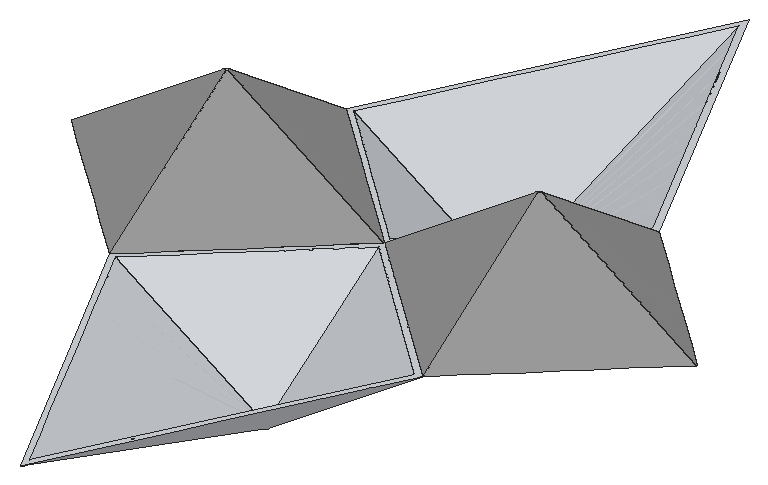
Revit family "CLD-FCT-016_KITE_RTV", category Modelos genéricos, Revit 2022 (continued)
Forms (in)
  Extrusion 237, solid, not visible
    sketch origin (-0.00149, 0.00149, -1.20924) x (0, 1, 0) y (0, 0, -1)
      loop
        line (0.96881, 1.14538) -> (0.96881, -1.85462) -> (0.65631, -1.85462) -> (0.65631, -2.35462) -> (0.96881, -2.35462) -> (3.48948, -2.35462) -> (3.48948, -0.60462) -> (4.19814, -0.60462) -> (4.19814, -2.35462) -> (9.23948, -2.35462) -> (9.23948, -0.60462) -> (9.94814, -0.60462) -> (9.94814, -2.35462) -> (14.98948, -2.35462) -> (14.98948, -0.60462) -> (15.69814, -0.60462) -> (15.69814, -2.35462) -> (20.73948, -2.35462) -> (20.73948, -0.60462) -> (21.44814, -0.60462) -> (21.44814, -2.35462) -> (24.28131, -2.35462) -> (24.28131, -1.85462) -> (23.96881, -1.85462) -> (23.96881, 1.14538) -> (0.96881, 1.14538)
    from -4.19963 to -4.08152
  Extrusion 238, solid, not visible
    sketch origin (0, 0, 0) x (1, 0, 0) y (0, 0, 1)
      loop
        line (0.96881, 0.64538) -> (0.96881, -2.35462) -> (3.48948, -2.35462) -> (3.48948, -0.60462) -> (4.19814, -0.60462) -> (4.19814, -2.35462) -> (9.23948, -2.35462) -> (9.23948, -0.60462) -> (9.94814, -0.60462) -> (9.94814, -2.35462) -> (14.98948, -2.35462) -> (14.98948, -0.60462) -> (15.69814, -0.60462) -> (15.69814, -2.35462) -> (20.73948, -2.35462) -> (20.73948, -0.60462) -> (21.44814, -0.60462) -> (21.44814, -2.35462) -> (23.96881, -2.35462) -> (23.96881, 0.64538) -> (24.28131, 0.64538) -> (24.28131, 1.14538) -> (0.65631, 1.14538) -> (0.65631, 0.64538) -> (0.96881, 0.64538)
    from -3.60908 to -3.49097
  Extrusion 239, solid, not visible
    sketch origin (0, 0, 0) x (1, 0, 0) y (0, 0, 1)
      loop
        line (0.96881, 0.64538) -> (0.96881, -2.35462) -> (3.48948, -2.35462) -> (3.48948, -0.60462) -> (4.19814, -0.60462) -> (4.19814, -2.35462) -> (9.23948, -2.35462) -> (9.23948, -0.60462) -> (9.94814, -0.60462) -> (9.94814, -2.35462) -> (14.98948, -2.35462) -> (14.98948, -0.60462) -> (15.69814, -0.60462) -> (15.69814, -2.35462) -> (20.73948, -2.35462) -> (20.73948, -0.60462) -> (21.44814, -0.60462) -> (21.44814, -2.35462) -> (23.96881, -2.35462) -> (23.96881, 0.64538) -> (24.28131, 0.64538) -> (24.28131, 1.14538) -> (0.65631, 1.14538) -> (0.65631, 0.64538) -> (0.96881, 0.64538)
    from -4.08152 to -3.60908
  Extrusion 240, solid, not visible
    sketch origin (0, 0, 0) x (1, 0, 0) y (0, 0, 1)
      loop
        line (0.96881, 0.64538) -> (0.96881, -2.35462) -> (3.48948, -2.35462) -> (3.48948, -0.60462) -> (4.19814, -0.60462) -> (4.19814, -2.35462) -> (9.23948, -2.35462) -> (9.23948, -0.60462) -> (9.94814, -0.60462) -> (9.94814, -2.35462) -> (14.98948, -2.35462) -> (14.98948, -0.60462) -> (15.69814, -0.60462) -> (15.69814, -2.35462) -> (20.73948, -2.35462) -> (20.73948, -0.60462) -> (21.44814, -0.60462) -> (21.44814, -2.35462) -> (23.96881, -2.35462) -> (23.96881, 0.64538) -> (24.28131, 0.64538) -> (24.28131, 1.14538) -> (0.65631, 1.14538) -> (0.65631, 0.64538) -> (0.96881, 0.64538)
    from -4.19963 to -4.08152
  Extrusion 241, solid, not visible
    sketch origin (0, 0, 0) x (1, 0, 0) y (0, 0, 1)
      loop
        line (0.96881, 0.64538) -> (0.96881, -2.35462) -> (3.48948, -2.35462) -> (3.48948, -0.60462) -> (4.19814, -0.60462) -> (4.19814, -2.35462) -> (9.23948, -2.35462) -> (9.23948, -0.60462) -> (9.94814, -0.60462) -> (9.94814, -2.35462) -> (14.98948, -2.35462) -> (14.98948, -0.60462) -> (15.69814, -0.60462) -> (15.69814, -2.35462) -> (20.73948, -2.35462) -> (20.73948, -0.60462) -> (21.44814, -0.60462) -> (21.44814, -2.35462) -> (23.96881, -2.35462) -> (23.96881, 0.64538) -> (24.28131, 0.64538) -> (24.28131, 1.14538) -> (0.65631, 1.14538) -> (0.65631, 0.64538) -> (0.96881, 0.64538)
    from -9.94963 to -9.83152
  Extrusion 242, solid, not visible
    sketch origin (0, 0, 0) x (1, 0, 0) y (0, 0, 1)
      loop
        line (0.96881, 0.64538) -> (0.96881, -2.35462) -> (3.48948, -2.35462) -> (3.48948, -0.60462) -> (4.19814, -0.60462) -> (4.19814, -2.35462) -> (9.23948, -2.35462) -> (9.23948, -0.60462) -> (9.94814, -0.60462) -> (9.94814, -2.35462) -> (14.98948, -2.35462) -> (14.98948, -0.60462) -> (15.69814, -0.60462) -> (15.69814, -2.35462) -> (20.73948, -2.35462) -> (20.73948, -0.60462) -> (21.44814, -0.60462) -> (21.44814, -2.35462) -> (23.96881, -2.35462) -> (23.96881, 0.64538) -> (24.28131, 0.64538) -> (24.28131, 1.14538) -> (0.65631, 1.14538) -> (0.65631, 0.64538) -> (0.96881, 0.64538)
    from -9.35908 to -9.24097
  Extrusion 243, solid, not visible
    sketch origin (0, 0, 0) x (1, 0, 0) y (0, 0, 1)
      loop
        line (0.96881, 0.64538) -> (0.96881, -2.35462) -> (3.48948, -2.35462) -> (3.48948, -0.60462) -> (4.19814, -0.60462) -> (4.19814, -2.35462) -> (9.23948, -2.35462) -> (9.23948, -0.60462) -> (9.94814, -0.60462) -> (9.94814, -2.35462) -> (14.98948, -2.35462) -> (14.98948, -0.60462) -> (15.69814, -0.60462) -> (15.69814, -2.35462) -> (20.73948, -2.35462) -> (20.73948, -0.60462) -> (21.44814, -0.60462) -> (21.44814, -2.35462) -> (23.96881, -2.35462) -> (23.96881, 0.64538) -> (24.28131, 0.64538) -> (24.28131, 1.14538) -> (0.65631, 1.14538) -> (0.65631, 0.64538) -> (0.96881, 0.64538)
    from -9.83152 to -9.35908
  Extrusion 244, solid, not visible
    sketch origin (0, 0, 0) x (1, 0, 0) y (0, 0, 1)
      loop
        line (0.96881, 0.64538) -> (0.96881, -2.35462) -> (3.48948, -2.35462) -> (3.48948, -0.60462) -> (4.19814, -0.60462) -> (4.19814, -2.35462) -> (9.23948, -2.35462) -> (9.23948, -0.60462) -> (9.94814, -0.60462) -> (9.94814, -2.35462) -> (14.98948, -2.35462) -> (14.98948, -0.60462) -> (15.69814, -0.60462) -> (15.69814, -2.35462) -> (20.73948, -2.35462) -> (20.73948, -0.60462) -> (21.44814, -0.60462) -> (21.44814, -2.35462) -> (23.96881, -2.35462) -> (23.96881, 0.64538) -> (24.28131, 0.64538) -> (24.28131, 1.14538) -> (0.65631, 1.14538) -> (0.65631, 0.64538) -> (0.96881, 0.64538)
    from -15.69963 to -15.58152
  Extrusion 245, solid, not visible
    sketch origin (0, 0, 0) x (1, 0, 0) y (0, 0, 1)
      loop
        line (0.96881, 0.64538) -> (0.96881, -2.35462) -> (3.48948, -2.35462) -> (3.48948, -0.60462) -> (4.19814, -0.60462) -> (4.19814, -2.35462) -> (9.23948, -2.35462) -> (9.23948, -0.60462) -> (9.94814, -0.60462) -> (9.94814, -2.35462) -> (14.98948, -2.35462) -> (14.98948, -0.60462) -> (15.69814, -0.60462) -> (15.69814, -2.35462) -> (20.73948, -2.35462) -> (20.73948, -0.60462) -> (21.44814, -0.60462) -> (21.44814, -2.35462) -> (23.96881, -2.35462) -> (23.96881, 0.64538) -> (24.28131, 0.64538) -> (24.28131, 1.14538) -> (0.65631, 1.14538) -> (0.65631, 0.64538) -> (0.96881, 0.64538)
    from -15.10908 to -14.99097
  Extrusion 246, solid, not visible
    sketch origin (0, 0, 0) x (1, 0, 0) y (0, 0, 1)
      loop
        line (0.96881, 0.64538) -> (0.96881, -2.35462) -> (3.48948, -2.35462) -> (3.48948, -0.60462) -> (4.19814, -0.60462) -> (4.19814, -2.35462) -> (9.23948, -2.35462) -> (9.23948, -0.60462) -> (9.94814, -0.60462) -> (9.94814, -2.35462) -> (14.98948, -2.35462) -> (14.98948, -0.60462) -> (15.69814, -0.60462) -> (15.69814, -2.35462) -> (20.73948, -2.35462) -> (20.73948, -0.60462) -> (21.44814, -0.60462) -> (21.44814, -2.35462) -> (23.96881, -2.35462) -> (23.96881, 0.64538) -> (24.28131, 0.64538) -> (24.28131, 1.14538) -> (0.65631, 1.14538) -> (0.65631, 0.64538) -> (0.96881, 0.64538)
    from -15.58152 to -15.10908
  Extrusion 247, solid, not visible
    sketch origin (0, 0, 0) x (1, 0, 0) y (0, 0, 1)
      loop
        line (0.96881, 0.64538) -> (0.96881, -2.35462) -> (3.48948, -2.35462) -> (3.48948, -0.60462) -> (4.19814, -0.60462) -> (4.19814, -2.35462) -> (9.23948, -2.35462) -> (9.23948, -0.60462) -> (9.94814, -0.60462) -> (9.94814, -2.35462) -> (14.98948, -2.35462) -> (14.98948, -0.60462) -> (15.69814, -0.60462) -> (15.69814, -2.35462) -> (20.73948, -2.35462) -> (20.73948, -0.60462) -> (21.44814, -0.60462) -> (21.44814, -2.35462) -> (23.96881, -2.35462) -> (23.96881, 0.64538) -> (24.28131, 0.64538) -> (24.28131, 1.14538) -> (0.65631, 1.14538) -> (0.65631, 0.64538) -> (0.96881, 0.64538)
    from -21.44963 to -21.33152
  Extrusion 248, solid, not visible
    sketch origin (0, 0, 0) x (1, 0, 0) y (0, 0, 1)
      loop
        line (0.96881, 0.64538) -> (0.96881, -2.35462) -> (3.48948, -2.35462) -> (3.48948, -0.60462) -> (4.19814, -0.60462) -> (4.19814, -2.35462) -> (9.23948, -2.35462) -> (9.23948, -0.60462) -> (9.94814, -0.60462) -> (9.94814, -2.35462) -> (14.98948, -2.35462) -> (14.98948, -0.60462) -> (15.69814, -0.60462) -> (15.69814, -2.35462) -> (20.73948, -2.35462) -> (20.73948, -0.60462) -> (21.44814, -0.60462) -> (21.44814, -2.35462) -> (23.96881, -2.35462) -> (23.96881, 0.64538) -> (24.28131, 0.64538) -> (24.28131, 1.14538) -> (0.65631, 1.14538) -> (0.65631, 0.64538) -> (0.96881, 0.64538)
    from -20.85908 to -20.74097
  Extrusion 249, solid, not visible
    sketch origin (0, 0, 0) x (1, 0, 0) y (0, 0, 1)
      loop
        line (0.96881, 0.64538) -> (0.96881, -2.35462) -> (3.48948, -2.35462) -> (3.48948, -0.60462) -> (4.19814, -0.60462) -> (4.19814, -2.35462) -> (9.23948, -2.35462) -> (9.23948, -0.60462) -> (9.94814, -0.60462) -> (9.94814, -2.35462) -> (14.98948, -2.35462) -> (14.98948, -0.60462) -> (15.69814, -0.60462) -> (15.69814, -2.35462) -> (20.73948, -2.35462) -> (20.73948, -0.60462) -> (21.44814, -0.60462) -> (21.44814, -2.35462) -> (23.96881, -2.35462) -> (23.96881, 0.64538) -> (24.28131, 0.64538) -> (24.28131, 1.14538) -> (0.65631, 1.14538) -> (0.65631, 0.64538) -> (0.96881, 0.64538)
    from -21.33152 to -20.85908
  Extrusion 250, solid, not visible
    sketch origin (-0.00149, 0.00149, -1.20924) x (0, 1, 0) y (0, 0, -1)
      loop
        line (0.96881, 1.14538) -> (0.96881, -1.85462) -> (0.65631, -1.85462) -> (0.65631, -2.35462) -> (0.96881, -2.35462) -> (3.48948, -2.35462) -> (3.48948, -0.60462) -> (4.19814, -0.60462) -> (4.19814, -2.35462) -> (9.23948, -2.35462) -> (9.23948, -0.60462) -> (9.94814, -0.60462) -> (9.94814, -2.35462) -> (14.98948, -2.35462) -> (14.98948, -0.60462) -> (15.69814, -0.60462) -> (15.69814, -2.35462) -> (20.73948, -2.35462) -> (20.73948, -0.60462) -> (21.44814, -0.60462) -> (21.44814, -2.35462) -> (24.28131, -2.35462) -> (24.28131, -1.85462) -> (23.96881, -1.85462) -> (23.96881, 1.14538) -> (0.96881, 1.14538)
    from -3.60908 to -3.49097
  Extrusion 251, solid, not visible
    sketch origin (0.11662, 0.00149, -1.20924) x (0, 1, 0) y (0, 0, -1)
      loop
        line (0.96881, 1.14538) -> (0.96881, -1.85462) -> (0.65631, -1.85462) -> (0.65631, -2.35462) -> (0.96881, -2.35462) -> (3.48948, -2.35462) -> (3.48948, -0.60462) -> (4.19814, -0.60462) -> (4.19814, -2.35462) -> (9.23948, -2.35462) -> (9.23948, -0.60462) -> (9.94814, -0.60462) -> (9.94814, -2.35462) -> (14.98948, -2.35462) -> (14.98948, -0.60462) -> (15.69814, -0.60462) -> (15.69814, -2.35462) -> (20.73948, -2.35462) -> (20.73948, -0.60462) -> (21.44814, -0.60462) -> (21.44814, -2.35462) -> (24.28131, -2.35462) -> (24.28131, -1.85462) -> (23.96881, -1.85462) -> (23.96881, 1.14538) -> (0.96881, 1.14538)
    from -3.96341 to -3.49097
  Extrusion 252, solid, not visible
    sketch origin (-0.00149, 0.00149, -1.20924) x (0, 1, 0) y (0, 0, -1)
      loop
        line (0.96881, 1.14538) -> (0.96881, -1.85462) -> (0.65631, -1.85462) -> (0.65631, -2.35462) -> (0.96881, -2.35462) -> (3.48948, -2.35462) -> (3.48948, -0.60462) -> (4.19814, -0.60462) -> (4.19814, -2.35462) -> (9.23948, -2.35462) -> (9.23948, -0.60462) -> (9.94814, -0.60462) -> (9.94814, -2.35462) -> (14.98948, -2.35462) -> (14.98948, -0.60462) -> (15.69814, -0.60462) -> (15.69814, -2.35462) -> (20.73948, -2.35462) -> (20.73948, -0.60462) -> (21.44814, -0.60462) -> (21.44814, -2.35462) -> (24.28131, -2.35462) -> (24.28131, -1.85462) -> (23.96881, -1.85462) -> (23.96881, 1.14538) -> (0.96881, 1.14538)
    from -4.19963 to -4.08152
  Extrusion 253, solid, not visible
    sketch origin (5.74851, 0.00149, -1.20924) x (0, 1, 0) y (0, 0, -1)
      loop
        line (0.96881, 1.14538) -> (0.96881, -1.85462) -> (0.65631, -1.85462) -> (0.65631, -2.35462) -> (0.96881, -2.35462) -> (3.48948, -2.35462) -> (3.48948, -0.60462) -> (4.19814, -0.60462) -> (4.19814, -2.35462) -> (9.23948, -2.35462) -> (9.23948, -0.60462) -> (9.94814, -0.60462) -> (9.94814, -2.35462) -> (14.98948, -2.35462) -> (14.98948, -0.60462) -> (15.69814, -0.60462) -> (15.69814, -2.35462) -> (20.73948, -2.35462) -> (20.73948, -0.60462) -> (21.44814, -0.60462) -> (21.44814, -2.35462) -> (24.28131, -2.35462) -> (24.28131, -1.85462) -> (23.96881, -1.85462) -> (23.96881, 1.14538) -> (0.96881, 1.14538)
    from -4.19963 to -4.08152
  Extrusion 254, solid, not visible
    sketch origin (5.15796, 0.00149, -1.20924) x (0, 1, 0) y (0, 0, -1)
      loop
        line (0.96881, 1.14538) -> (0.96881, -1.85462) -> (0.65631, -1.85462) -> (0.65631, -2.35462) -> (0.96881, -2.35462) -> (3.48948, -2.35462) -> (3.48948, -0.60462) -> (4.19814, -0.60462) -> (4.19814, -2.35462) -> (9.23948, -2.35462) -> (9.23948, -0.60462) -> (9.94814, -0.60462) -> (9.94814, -2.35462) -> (14.98948, -2.35462) -> (14.98948, -0.60462) -> (15.69814, -0.60462) -> (15.69814, -2.35462) -> (20.73948, -2.35462) -> (20.73948, -0.60462) -> (21.44814, -0.60462) -> (21.44814, -2.35462) -> (24.28131, -2.35462) -> (24.28131, -1.85462) -> (23.96881, -1.85462) -> (23.96881, 1.14538) -> (0.96881, 1.14538)
    from -4.19963 to -4.08152
  Extrusion 255, solid, not visible
    sketch origin (11.49851, 0.00149, -1.20924) x (0, 1, 0) y (0, 0, -1)
      loop
        line (0.96881, 1.14538) -> (0.96881, -1.85462) -> (0.65631, -1.85462) -> (0.65631, -2.35462) -> (0.96881, -2.35462) -> (3.48948, -2.35462) -> (3.48948, -0.60462) -> (4.19814, -0.60462) -> (4.19814, -2.35462) -> (9.23948, -2.35462) -> (9.23948, -0.60462) -> (9.94814, -0.60462) -> (9.94814, -2.35462) -> (14.98948, -2.35462) -> (14.98948, -0.60462) -> (15.69814, -0.60462) -> (15.69814, -2.35462) -> (20.73948, -2.35462) -> (20.73948, -0.60462) -> (21.44814, -0.60462) -> (21.44814, -2.35462) -> (24.28131, -2.35462) -> (24.28131, -1.85462) -> (23.96881, -1.85462) -> (23.96881, 1.14538) -> (0.96881, 1.14538)
    from -4.19963 to -4.08152
  Extrusion 256, solid, not visible
    sketch origin (10.90796, 0.00149, -1.20924) x (0, 1, 0) y (0, 0, -1)
      loop
        line (0.96881, 1.14538) -> (0.96881, -1.85462) -> (0.65631, -1.85462) -> (0.65631, -2.35462) -> (0.96881, -2.35462) -> (3.48948, -2.35462) -> (3.48948, -0.60462) -> (4.19814, -0.60462) -> (4.19814, -2.35462) -> (9.23948, -2.35462) -> (9.23948, -0.60462) -> (9.94814, -0.60462) -> (9.94814, -2.35462) -> (14.98948, -2.35462) -> (14.98948, -0.60462) -> (15.69814, -0.60462) -> (15.69814, -2.35462) -> (20.73948, -2.35462) -> (20.73948, -0.60462) -> (21.44814, -0.60462) -> (21.44814, -2.35462) -> (24.28131, -2.35462) -> (24.28131, -1.85462) -> (23.96881, -1.85462) -> (23.96881, 1.14538) -> (0.96881, 1.14538)
    from -4.19963 to -4.08152
  Extrusion 257, solid, not visible
    sketch origin (16.65796, 0.00149, -1.20924) x (0, 1, 0) y (0, 0, -1)
      loop
        line (0.96881, 1.14538) -> (0.96881, -1.85462) -> (0.65631, -1.85462) -> (0.65631, -2.35462) -> (0.96881, -2.35462) -> (3.48948, -2.35462) -> (3.48948, -0.60462) -> (4.19814, -0.60462) -> (4.19814, -2.35462) -> (9.23948, -2.35462) -> (9.23948, -0.60462) -> (9.94814, -0.60462) -> (9.94814, -2.35462) -> (14.98948, -2.35462) -> (14.98948, -0.60462) -> (15.69814, -0.60462) -> (15.69814, -2.35462) -> (20.73948, -2.35462) -> (20.73948, -0.60462) -> (21.44814, -0.60462) -> (21.44814, -2.35462) -> (24.28131, -2.35462) -> (24.28131, -1.85462) -> (23.96881, -1.85462) -> (23.96881, 1.14538) -> (0.96881, 1.14538)
    from -4.19963 to -4.08152
  Extrusion 258, solid, not visible
    sketch origin (17.24851, 0.00149, -1.20924) x (0, 1, 0) y (0, 0, -1)
      loop
        line (0.96881, 1.14538) -> (0.96881, -1.85462) -> (0.65631, -1.85462) -> (0.65631, -2.35462) -> (0.96881, -2.35462) -> (3.48948, -2.35462) -> (3.48948, -0.60462) -> (4.19814, -0.60462) -> (4.19814, -2.35462) -> (9.23948, -2.35462) -> (9.23948, -0.60462) -> (9.94814, -0.60462) -> (9.94814, -2.35462) -> (14.98948, -2.35462) -> (14.98948, -0.60462) -> (15.69814, -0.60462) -> (15.69814, -2.35462) -> (20.73948, -2.35462) -> (20.73948, -0.60462) -> (21.44814, -0.60462) -> (21.44814, -2.35462) -> (24.28131, -2.35462) -> (24.28131, -1.85462) -> (23.96881, -1.85462) -> (23.96881, 1.14538) -> (0.96881, 1.14538)
    from -4.19963 to -4.08152
  Extrusion 259, solid, not visible
    sketch origin (5.86662, 0.00149, -1.20924) x (0, 1, 0) y (0, 0, -1)
      loop
        line (0.96881, 1.14538) -> (0.96881, -1.85462) -> (0.65631, -1.85462) -> (0.65631, -2.35462) -> (0.96881, -2.35462) -> (3.48948, -2.35462) -> (3.48948, -0.60462) -> (4.19814, -0.60462) -> (4.19814, -2.35462) -> (9.23948, -2.35462) -> (9.23948, -0.60462) -> (9.94814, -0.60462) -> (9.94814, -2.35462) -> (14.98948, -2.35462) -> (14.98948, -0.60462) -> (15.69814, -0.60462) -> (15.69814, -2.35462) -> (20.73948, -2.35462) -> (20.73948, -0.60462) -> (21.44814, -0.60462) -> (21.44814, -2.35462) -> (24.28131, -2.35462) -> (24.28131, -1.85462) -> (23.96881, -1.85462) -> (23.96881, 1.14538) -> (0.96881, 1.14538)
    from -3.96341 to -3.49097
  Extrusion 260, solid, not visible
    sketch origin (11.61662, 0.00149, -1.20924) x (0, 1, 0) y (0, 0, -1)
      loop
        line (0.96881, 1.14538) -> (0.96881, -1.85462) -> (0.65631, -1.85462) -> (0.65631, -2.35462) -> (0.96881, -2.35462) -> (3.48948, -2.35462) -> (3.48948, -0.60462) -> (4.19814, -0.60462) -> (4.19814, -2.35462) -> (9.23948, -2.35462) -> (9.23948, -0.60462) -> (9.94814, -0.60462) -> (9.94814, -2.35462) -> (14.98948, -2.35462) -> (14.98948, -0.60462) -> (15.69814, -0.60462) -> (15.69814, -2.35462) -> (20.73948, -2.35462) -> (20.73948, -0.60462) -> (21.44814, -0.60462) -> (21.44814, -2.35462) -> (24.28131, -2.35462) -> (24.28131, -1.85462) -> (23.96881, -1.85462) -> (23.96881, 1.14538) -> (0.96881, 1.14538)
    from -3.96341 to -3.49097
  Extrusion 261, solid, not visible
    sketch origin (17.36662, 0.00149, -1.20924) x (0, 1, 0) y (0, 0, -1)
      loop
        line (0.96881, 1.14538) -> (0.96881, -1.85462) -> (0.65631, -1.85462) -> (0.65631, -2.35462) -> (0.96881, -2.35462) -> (3.48948, -2.35462) -> (3.48948, -0.60462) -> (4.19814, -0.60462) -> (4.19814, -2.35462) -> (9.23948, -2.35462) -> (9.23948, -0.60462) -> (9.94814, -0.60462) -> (9.94814, -2.35462) -> (14.98948, -2.35462) -> (14.98948, -0.60462) -> (15.69814, -0.60462) -> (15.69814, -2.35462) -> (20.73948, -2.35462) -> (20.73948, -0.60462) -> (21.44814, -0.60462) -> (21.44814, -2.35462) -> (24.28131, -2.35462) -> (24.28131, -1.85462) -> (23.96881, -1.85462) -> (23.96881, 1.14538) -> (0.96881, 1.14538)
    from -3.96341 to -3.49097
  Extrusion 262, solid, not visible
    sketch origin (0, 0, 0) x (1, 0, 0) y (0, 0, 1)
      loop
        line (0.96881, 0.64538) -> (0.96881, -2.35462) -> (3.48948, -2.35462) -> (3.48948, -0.60462) -> (4.19814, -0.60462) -> (4.19814, -2.35462) -> (9.23948, -2.35462) -> (9.23948, -0.60462) -> (9.94814, -0.60462) -> (9.94814, -2.35462) -> (14.98948, -2.35462) -> (14.98948, -0.60462) -> (15.69814, -0.60462) -> (15.69814, -2.35462) -> (20.73948, -2.35462) -> (20.73948, -0.60462) -> (21.44814, -0.60462) -> (21.44814, -2.35462) -> (23.96881, -2.35462) -> (23.96881, 0.64538) -> (24.28131, 0.64538) -> (24.28131, 1.14538) -> (0.65631, 1.14538) -> (0.65631, 0.64538) -> (0.96881, 0.64538)
    from -3.60908 to -3.49097
  Extrusion 263, solid, not visible
    sketch origin (0, 0, 0) x (1, 0, 0) y (0, 0, 1)
      loop
        line (0.96881, 0.64538) -> (0.96881, -2.35462) -> (3.48948, -2.35462) -> (3.48948, -0.60462) -> (4.19814, -0.60462) -> (4.19814, -2.35462) -> (9.23948, -2.35462) -> (9.23948, -0.60462) -> (9.94814, -0.60462) -> (9.94814, -2.35462) -> (14.98948, -2.35462) -> (14.98948, -0.60462) -> (15.69814, -0.60462) -> (15.69814, -2.35462) -> (20.73948, -2.35462) -> (20.73948, -0.60462) -> (21.44814, -0.60462) -> (21.44814, -2.35462) -> (23.96881, -2.35462) -> (23.96881, 0.64538) -> (24.28131, 0.64538) -> (24.28131, 1.14538) -> (0.65631, 1.14538) -> (0.65631, 0.64538) -> (0.96881, 0.64538)
    from -4.08152 to -3.60908
  Extrusion 264, solid, not visible
    sketch origin (0, 0, 0) x (1, 0, 0) y (0, 0, 1)
      loop
        line (0.96881, 0.64538) -> (0.96881, -2.35462) -> (3.48948, -2.35462) -> (3.48948, -0.60462) -> (4.19814, -0.60462) -> (4.19814, -2.35462) -> (9.23948, -2.35462) -> (9.23948, -0.60462) -> (9.94814, -0.60462) -> (9.94814, -2.35462) -> (14.98948, -2.35462) -> (14.98948, -0.60462) -> (15.69814, -0.60462) -> (15.69814, -2.35462) -> (20.73948, -2.35462) -> (20.73948, -0.60462) -> (21.44814, -0.60462) -> (21.44814, -2.35462) -> (23.96881, -2.35462) -> (23.96881, 0.64538) -> (24.28131, 0.64538) -> (24.28131, 1.14538) -> (0.65631, 1.14538) -> (0.65631, 0.64538) -> (0.96881, 0.64538)
    from -4.19963 to -4.08152
  Extrusion 265, solid, not visible
    sketch origin (-0.00149, 0.00149, -1.20924) x (0, 1, 0) y (0, 0, -1)
      loop
        line (0.96881, 1.14538) -> (0.96881, -1.85462) -> (0.65631, -1.85462) -> (0.65631, -2.35462) -> (0.96881, -2.35462) -> (3.48948, -2.35462) -> (3.48948, -0.60462) -> (4.19814, -0.60462) -> (4.19814, -2.35462) -> (9.23948, -2.35462) -> (9.23948, -0.60462) -> (9.94814, -0.60462) -> (9.94814, -2.35462) -> (14.98948, -2.35462) -> (14.98948, -0.60462) -> (15.69814, -0.60462) -> (15.69814, -2.35462) -> (20.73948, -2.35462) -> (20.73948, -0.60462) -> (21.44814, -0.60462) -> (21.44814, -2.35462) -> (24.28131, -2.35462) -> (24.28131, -1.85462) -> (23.96881, -1.85462) -> (23.96881, 1.14538) -> (0.96881, 1.14538)
    from -3.60908 to -3.49097
  Extrusion 266, solid, not visible
    sketch origin (0.11662, 0.00149, -1.20924) x (0, 1, 0) y (0, 0, -1)
      loop
        line (0.96881, 1.14538) -> (0.96881, -1.85462) -> (0.65631, -1.85462) -> (0.65631, -2.35462) -> (0.96881, -2.35462) -> (3.48948, -2.35462) -> (3.48948, -0.60462) -> (4.19814, -0.60462) -> (4.19814, -2.35462) -> (9.23948, -2.35462) -> (9.23948, -0.60462) -> (9.94814, -0.60462) -> (9.94814, -2.35462) -> (14.98948, -2.35462) -> (14.98948, -0.60462) -> (15.69814, -0.60462) -> (15.69814, -2.35462) -> (20.73948, -2.35462) -> (20.73948, -0.60462) -> (21.44814, -0.60462) -> (21.44814, -2.35462) -> (24.28131, -2.35462) -> (24.28131, -1.85462) -> (23.96881, -1.85462) -> (23.96881, 1.14538) -> (0.96881, 1.14538)
    from -3.96341 to -3.49097
  Extrusion 267, solid, not visible
    sketch origin (-0.00149, 0.00149, -1.20924) x (0, 1, 0) y (0, 0, -1)
      loop
        line (0.96881, 1.14538) -> (0.96881, -1.85462) -> (0.65631, -1.85462) -> (0.65631, -2.35462) -> (0.96881, -2.35462) -> (3.48948, -2.35462) -> (3.48948, -0.60462) -> (4.19814, -0.60462) -> (4.19814, -2.35462) -> (9.23948, -2.35462) -> (9.23948, -0.60462) -> (9.94814, -0.60462) -> (9.94814, -2.35462) -> (14.98948, -2.35462) -> (14.98948, -0.60462) -> (15.69814, -0.60462) -> (15.69814, -2.35462) -> (20.73948, -2.35462) -> (20.73948, -0.60462) -> (21.44814, -0.60462) -> (21.44814, -2.35462) -> (24.28131, -2.35462) -> (24.28131, -1.85462) -> (23.96881, -1.85462) -> (23.96881, 1.14538) -> (0.96881, 1.14538)
    from -4.19963 to -4.08152
  Extrusion 268, solid, not visible
    sketch origin (0, 0, 0) x (1, 0, 0) y (0, 0, 1)
      loop
        line (0.96881, 0.64538) -> (0.96881, -2.35462) -> (3.48948, -2.35462) -> (3.48948, -0.60462) -> (4.19814, -0.60462) -> (4.19814, -2.35462) -> (9.23948, -2.35462) -> (9.23948, -0.60462) -> (9.94814, -0.60462) -> (9.94814, -2.35462) -> (14.98948, -2.35462) -> (14.98948, -0.60462) -> (15.69814, -0.60462) -> (15.69814, -2.35462) -> (20.73948, -2.35462) -> (20.73948, -0.60462) -> (21.44814, -0.60462) -> (21.44814, -2.35462) -> (23.96881, -2.35462) -> (23.96881, 0.64538) -> (24.28131, 0.64538) -> (24.28131, 1.14538) -> (0.65631, 1.14538) -> (0.65631, 0.64538) -> (0.96881, 0.64538)
    from -9.94963 to -9.83152
  Extrusion 269, solid, not visible
    sketch origin (0, 0, 0) x (1, 0, 0) y (0, 0, 1)
      loop
        line (0.96881, 0.64538) -> (0.96881, -2.35462) -> (3.48948, -2.35462) -> (3.48948, -0.60462) -> (4.19814, -0.60462) -> (4.19814, -2.35462) -> (9.23948, -2.35462) -> (9.23948, -0.60462) -> (9.94814, -0.60462) -> (9.94814, -2.35462) -> (14.98948, -2.35462) -> (14.98948, -0.60462) -> (15.69814, -0.60462) -> (15.69814, -2.35462) -> (20.73948, -2.35462) -> (20.73948, -0.60462) -> (21.44814, -0.60462) -> (21.44814, -2.35462) -> (23.96881, -2.35462) -> (23.96881, 0.64538) -> (24.28131, 0.64538) -> (24.28131, 1.14538) -> (0.65631, 1.14538) -> (0.65631, 0.64538) -> (0.96881, 0.64538)
    from -9.35908 to -9.24097
  Extrusion 270, solid, not visible
    sketch origin (0, 0, 0) x (1, 0, 0) y (0, 0, 1)
      loop
        line (0.96881, 0.64538) -> (0.96881, -2.35462) -> (3.48948, -2.35462) -> (3.48948, -0.60462) -> (4.19814, -0.60462) -> (4.19814, -2.35462) -> (9.23948, -2.35462) -> (9.23948, -0.60462) -> (9.94814, -0.60462) -> (9.94814, -2.35462) -> (14.98948, -2.35462) -> (14.98948, -0.60462) -> (15.69814, -0.60462) -> (15.69814, -2.35462) -> (20.73948, -2.35462) -> (20.73948, -0.60462) -> (21.44814, -0.60462) -> (21.44814, -2.35462) -> (23.96881, -2.35462) -> (23.96881, 0.64538) -> (24.28131, 0.64538) -> (24.28131, 1.14538) -> (0.65631, 1.14538) -> (0.65631, 0.64538) -> (0.96881, 0.64538)
    from -9.83152 to -9.35908
  Extrusion 271, solid, not visible
    sketch origin (0, 0, 0) x (1, 0, 0) y (0, 0, 1)
      loop
        line (0.96881, 0.64538) -> (0.96881, -2.35462) -> (3.48948, -2.35462) -> (3.48948, -0.60462) -> (4.19814, -0.60462) -> (4.19814, -2.35462) -> (9.23948, -2.35462) -> (9.23948, -0.60462) -> (9.94814, -0.60462) -> (9.94814, -2.35462) -> (14.98948, -2.35462) -> (14.98948, -0.60462) -> (15.69814, -0.60462) -> (15.69814, -2.35462) -> (20.73948, -2.35462) -> (20.73948, -0.60462) -> (21.44814, -0.60462) -> (21.44814, -2.35462) -> (23.96881, -2.35462) -> (23.96881, 0.64538) -> (24.28131, 0.64538) -> (24.28131, 1.14538) -> (0.65631, 1.14538) -> (0.65631, 0.64538) -> (0.96881, 0.64538)
    from -15.69963 to -15.58152
  Extrusion 272, solid, not visible
    sketch origin (0, 0, 0) x (1, 0, 0) y (0, 0, 1)
      loop
        line (0.96881, 0.64538) -> (0.96881, -2.35462) -> (3.48948, -2.35462) -> (3.48948, -0.60462) -> (4.19814, -0.60462) -> (4.19814, -2.35462) -> (9.23948, -2.35462) -> (9.23948, -0.60462) -> (9.94814, -0.60462) -> (9.94814, -2.35462) -> (14.98948, -2.35462) -> (14.98948, -0.60462) -> (15.69814, -0.60462) -> (15.69814, -2.35462) -> (20.73948, -2.35462) -> (20.73948, -0.60462) -> (21.44814, -0.60462) -> (21.44814, -2.35462) -> (23.96881, -2.35462) -> (23.96881, 0.64538) -> (24.28131, 0.64538) -> (24.28131, 1.14538) -> (0.65631, 1.14538) -> (0.65631, 0.64538) -> (0.96881, 0.64538)
    from -15.10908 to -14.99097
  Extrusion 273, solid, not visible
    sketch origin (0, 0, 0) x (1, 0, 0) y (0, 0, 1)
      loop
        line (0.96881, 0.64538) -> (0.96881, -2.35462) -> (3.48948, -2.35462) -> (3.48948, -0.60462) -> (4.19814, -0.60462) -> (4.19814, -2.35462) -> (9.23948, -2.35462) -> (9.23948, -0.60462) -> (9.94814, -0.60462) -> (9.94814, -2.35462) -> (14.98948, -2.35462) -> (14.98948, -0.60462) -> (15.69814, -0.60462) -> (15.69814, -2.35462) -> (20.73948, -2.35462) -> (20.73948, -0.60462) -> (21.44814, -0.60462) -> (21.44814, -2.35462) -> (23.96881, -2.35462) -> (23.96881, 0.64538) -> (24.28131, 0.64538) -> (24.28131, 1.14538) -> (0.65631, 1.14538) -> (0.65631, 0.64538) -> (0.96881, 0.64538)
    from -15.58152 to -15.10908
  Extrusion 274, solid, not visible
    sketch origin (0, 0, 0) x (1, 0, 0) y (0, 0, 1)
      loop
        line (0.96881, 0.64538) -> (0.96881, -2.35462) -> (3.48948, -2.35462) -> (3.48948, -0.60462) -> (4.19814, -0.60462) -> (4.19814, -2.35462) -> (9.23948, -2.35462) -> (9.23948, -0.60462) -> (9.94814, -0.60462) -> (9.94814, -2.35462) -> (14.98948, -2.35462) -> (14.98948, -0.60462) -> (15.69814, -0.60462) -> (15.69814, -2.35462) -> (20.73948, -2.35462) -> (20.73948, -0.60462) -> (21.44814, -0.60462) -> (21.44814, -2.35462) -> (23.96881, -2.35462) -> (23.96881, 0.64538) -> (24.28131, 0.64538) -> (24.28131, 1.14538) -> (0.65631, 1.14538) -> (0.65631, 0.64538) -> (0.96881, 0.64538)
    from -21.44963 to -21.33152
  Extrusion 275, solid, not visible
    sketch origin (0, 0, 0) x (1, 0, 0) y (0, 0, 1)
      loop
        line (0.96881, 0.64538) -> (0.96881, -2.35462) -> (3.48948, -2.35462) -> (3.48948, -0.60462) -> (4.19814, -0.60462) -> (4.19814, -2.35462) -> (9.23948, -2.35462) -> (9.23948, -0.60462) -> (9.94814, -0.60462) -> (9.94814, -2.35462) -> (14.98948, -2.35462) -> (14.98948, -0.60462) -> (15.69814, -0.60462) -> (15.69814, -2.35462) -> (20.73948, -2.35462) -> (20.73948, -0.60462) -> (21.44814, -0.60462) -> (21.44814, -2.35462) -> (23.96881, -2.35462) -> (23.96881, 0.64538) -> (24.28131, 0.64538) -> (24.28131, 1.14538) -> (0.65631, 1.14538) -> (0.65631, 0.64538) -> (0.96881, 0.64538)
    from -20.85908 to -20.74097
  Extrusion 276, solid, not visible
    sketch origin (0, 0, 0) x (1, 0, 0) y (0, 0, 1)
      loop
        line (0.96881, 0.64538) -> (0.96881, -2.35462) -> (3.48948, -2.35462) -> (3.48948, -0.60462) -> (4.19814, -0.60462) -> (4.19814, -2.35462) -> (9.23948, -2.35462) -> (9.23948, -0.60462) -> (9.94814, -0.60462) -> (9.94814, -2.35462) -> (14.98948, -2.35462) -> (14.98948, -0.60462) -> (15.69814, -0.60462) -> (15.69814, -2.35462) -> (20.73948, -2.35462) -> (20.73948, -0.60462) -> (21.44814, -0.60462) -> (21.44814, -2.35462) -> (23.96881, -2.35462) -> (23.96881, 0.64538) -> (24.28131, 0.64538) -> (24.28131, 1.14538) -> (0.65631, 1.14538) -> (0.65631, 0.64538) -> (0.96881, 0.64538)
    from -21.33152 to -20.85908
  Extrusion 277, solid, not visible
    sketch origin (5.74851, 0.00149, -1.20924) x (0, 1, 0) y (0, 0, -1)
      loop
        line (0.96881, 1.14538) -> (0.96881, -1.85462) -> (0.65631, -1.85462) -> (0.65631, -2.35462) -> (0.96881, -2.35462) -> (3.48948, -2.35462) -> (3.48948, -0.60462) -> (4.19814, -0.60462) -> (4.19814, -2.35462) -> (9.23948, -2.35462) -> (9.23948, -0.60462) -> (9.94814, -0.60462) -> (9.94814, -2.35462) -> (14.98948, -2.35462) -> (14.98948, -0.60462) -> (15.69814, -0.60462) -> (15.69814, -2.35462) -> (20.73948, -2.35462) -> (20.73948, -0.60462) -> (21.44814, -0.60462) -> (21.44814, -2.35462) -> (24.28131, -2.35462) -> (24.28131, -1.85462) -> (23.96881, -1.85462) -> (23.96881, 1.14538) -> (0.96881, 1.14538)
    from -4.19963 to -4.08152
  Extrusion 278, solid, not visible
    sketch origin (5.15796, 0.00149, -1.20924) x (0, 1, 0) y (0, 0, -1)
      loop
        line (0.96881, 1.14538) -> (0.96881, -1.85462) -> (0.65631, -1.85462) -> (0.65631, -2.35462) -> (0.96881, -2.35462) -> (3.48948, -2.35462) -> (3.48948, -0.60462) -> (4.19814, -0.60462) -> (4.19814, -2.35462) -> (9.23948, -2.35462) -> (9.23948, -0.60462) -> (9.94814, -0.60462) -> (9.94814, -2.35462) -> (14.98948, -2.35462) -> (14.98948, -0.60462) -> (15.69814, -0.60462) -> (15.69814, -2.35462) -> (20.73948, -2.35462) -> (20.73948, -0.60462) -> (21.44814, -0.60462) -> (21.44814, -2.35462) -> (24.28131, -2.35462) -> (24.28131, -1.85462) -> (23.96881, -1.85462) -> (23.96881, 1.14538) -> (0.96881, 1.14538)
    from -4.19963 to -4.08152
  Extrusion 279, solid, not visible
    sketch origin (11.49851, 0.00149, -1.20924) x (0, 1, 0) y (0, 0, -1)
      loop
        line (0.96881, 1.14538) -> (0.96881, -1.85462) -> (0.65631, -1.85462) -> (0.65631, -2.35462) -> (0.96881, -2.35462) -> (3.48948, -2.35462) -> (3.48948, -0.60462) -> (4.19814, -0.60462) -> (4.19814, -2.35462) -> (9.23948, -2.35462) -> (9.23948, -0.60462) -> (9.94814, -0.60462) -> (9.94814, -2.35462) -> (14.98948, -2.35462) -> (14.98948, -0.60462) -> (15.69814, -0.60462) -> (15.69814, -2.35462) -> (20.73948, -2.35462) -> (20.73948, -0.60462) -> (21.44814, -0.60462) -> (21.44814, -2.35462) -> (24.28131, -2.35462) -> (24.28131, -1.85462) -> (23.96881, -1.85462) -> (23.96881, 1.14538) -> (0.96881, 1.14538)
    from -4.19963 to -4.08152
  Extrusion 280, solid, not visible
    sketch origin (10.90796, 0.00149, -1.20924) x (0, 1, 0) y (0, 0, -1)
      loop
        line (0.96881, 1.14538) -> (0.96881, -1.85462) -> (0.65631, -1.85462) -> (0.65631, -2.35462) -> (0.96881, -2.35462) -> (3.48948, -2.35462) -> (3.48948, -0.60462) -> (4.19814, -0.60462) -> (4.19814, -2.35462) -> (9.23948, -2.35462) -> (9.23948, -0.60462) -> (9.94814, -0.60462) -> (9.94814, -2.35462) -> (14.98948, -2.35462) -> (14.98948, -0.60462) -> (15.69814, -0.60462) -> (15.69814, -2.35462) -> (20.73948, -2.35462) -> (20.73948, -0.60462) -> (21.44814, -0.60462) -> (21.44814, -2.35462) -> (24.28131, -2.35462) -> (24.28131, -1.85462) -> (23.96881, -1.85462) -> (23.96881, 1.14538) -> (0.96881, 1.14538)
    from -4.19963 to -4.08152
  Extrusion 281, solid, not visible
    sketch origin (16.65796, 0.00149, -1.20924) x (0, 1, 0) y (0, 0, -1)
      loop
        line (0.96881, 1.14538) -> (0.96881, -1.85462) -> (0.65631, -1.85462) -> (0.65631, -2.35462) -> (0.96881, -2.35462) -> (3.48948, -2.35462) -> (3.48948, -0.60462) -> (4.19814, -0.60462) -> (4.19814, -2.35462) -> (9.23948, -2.35462) -> (9.23948, -0.60462) -> (9.94814, -0.60462) -> (9.94814, -2.35462) -> (14.98948, -2.35462) -> (14.98948, -0.60462) -> (15.69814, -0.60462) -> (15.69814, -2.35462) -> (20.73948, -2.35462) -> (20.73948, -0.60462) -> (21.44814, -0.60462) -> (21.44814, -2.35462) -> (24.28131, -2.35462) -> (24.28131, -1.85462) -> (23.96881, -1.85462) -> (23.96881, 1.14538) -> (0.96881, 1.14538)
    from -4.19963 to -4.08152
  Extrusion 282, solid, not visible
    sketch origin (17.24851, 0.00149, -1.20924) x (0, 1, 0) y (0, 0, -1)
      loop
        line (0.96881, 1.14538) -> (0.96881, -1.85462) -> (0.65631, -1.85462) -> (0.65631, -2.35462) -> (0.96881, -2.35462) -> (3.48948, -2.35462) -> (3.48948, -0.60462) -> (4.19814, -0.60462) -> (4.19814, -2.35462) -> (9.23948, -2.35462) -> (9.23948, -0.60462) -> (9.94814, -0.60462) -> (9.94814, -2.35462) -> (14.98948, -2.35462) -> (14.98948, -0.60462) -> (15.69814, -0.60462) -> (15.69814, -2.35462) -> (20.73948, -2.35462) -> (20.73948, -0.60462) -> (21.44814, -0.60462) -> (21.44814, -2.35462) -> (24.28131, -2.35462) -> (24.28131, -1.85462) -> (23.96881, -1.85462) -> (23.96881, 1.14538) -> (0.96881, 1.14538)
    from -4.19963 to -4.08152
  Extrusion 283, solid, not visible
    sketch origin (5.86662, 0.00149, -1.20924) x (0, 1, 0) y (0, 0, -1)
      loop
        line (0.96881, 1.14538) -> (0.96881, -1.85462) -> (0.65631, -1.85462) -> (0.65631, -2.35462) -> (0.96881, -2.35462) -> (3.48948, -2.35462) -> (3.48948, -0.60462) -> (4.19814, -0.60462) -> (4.19814, -2.35462) -> (9.23948, -2.35462) -> (9.23948, -0.60462) -> (9.94814, -0.60462) -> (9.94814, -2.35462) -> (14.98948, -2.35462) -> (14.98948, -0.60462) -> (15.69814, -0.60462) -> (15.69814, -2.35462) -> (20.73948, -2.35462) -> (20.73948, -0.60462) -> (21.44814, -0.60462) -> (21.44814, -2.35462) -> (24.28131, -2.35462) -> (24.28131, -1.85462) -> (23.96881, -1.85462) -> (23.96881, 1.14538) -> (0.96881, 1.14538)
    from -3.96341 to -3.49097
  Extrusion 284, solid, not visible
    sketch origin (11.61662, 0.00149, -1.20924) x (0, 1, 0) y (0, 0, -1)
      loop
        line (0.96881, 1.14538) -> (0.96881, -1.85462) -> (0.65631, -1.85462) -> (0.65631, -2.35462) -> (0.96881, -2.35462) -> (3.48948, -2.35462) -> (3.48948, -0.60462) -> (4.19814, -0.60462) -> (4.19814, -2.35462) -> (9.23948, -2.35462) -> (9.23948, -0.60462) -> (9.94814, -0.60462) -> (9.94814, -2.35462) -> (14.98948, -2.35462) -> (14.98948, -0.60462) -> (15.69814, -0.60462) -> (15.69814, -2.35462) -> (20.73948, -2.35462) -> (20.73948, -0.60462) -> (21.44814, -0.60462) -> (21.44814, -2.35462) -> (24.28131, -2.35462) -> (24.28131, -1.85462) -> (23.96881, -1.85462) -> (23.96881, 1.14538) -> (0.96881, 1.14538)
    from -3.96341 to -3.49097
  Extrusion 285, solid, not visible
    sketch origin (17.36662, 0.00149, -1.20924) x (0, 1, 0) y (0, 0, -1)
      loop
        line (0.96881, 1.14538) -> (0.96881, -1.85462) -> (0.65631, -1.85462) -> (0.65631, -2.35462) -> (0.96881, -2.35462) -> (3.48948, -2.35462) -> (3.48948, -0.60462) -> (4.19814, -0.60462) -> (4.19814, -2.35462) -> (9.23948, -2.35462) -> (9.23948, -0.60462) -> (9.94814, -0.60462) -> (9.94814, -2.35462) -> (14.98948, -2.35462) -> (14.98948, -0.60462) -> (15.69814, -0.60462) -> (15.69814, -2.35462) -> (20.73948, -2.35462) -> (20.73948, -0.60462) -> (21.44814, -0.60462) -> (21.44814, -2.35462) -> (24.28131, -2.35462) -> (24.28131, -1.85462) -> (23.96881, -1.85462) -> (23.96881, 1.14538) -> (0.96881, 1.14538)
    from -3.96341 to -3.49097
  Extrusion 286, solid, not visible
    sketch origin (-44, 0, 0) x (1, 0, 0) y (0, 0, 1)
      loop
        line (0.96881, 0.64538) -> (0.96881, -2.35462) -> (3.48948, -2.35462) -> (3.48948, -0.60462) -> (4.19814, -0.60462) -> (4.19814, -2.35462) -> (9.23948, -2.35462) -> (9.23948, -0.60462) -> (9.94814, -0.60462) -> (9.94814, -2.35462) -> (14.98948, -2.35462) -> (14.98948, -0.60462) -> (15.69814, -0.60462) -> (15.69814, -2.35462) -> (20.73948, -2.35462) -> (20.73948, -0.60462) -> (21.44814, -0.60462) -> (21.44814, -2.35462) -> (23.96881, -2.35462) -> (23.96881, 0.64538) -> (24.28131, 0.64538) -> (24.28131, 1.14538) -> (0.65631, 1.14538) -> (0.65631, 0.64538) -> (0.96881, 0.64538)
    from -3.60908 to -3.49097
  Extrusion 287, solid, not visible
    sketch origin (-44, 0, 0) x (1, 0, 0) y (0, 0, 1)
      loop
        line (0.96881, 0.64538) -> (0.96881, -2.35462) -> (3.48948, -2.35462) -> (3.48948, -0.60462) -> (4.19814, -0.60462) -> (4.19814, -2.35462) -> (9.23948, -2.35462) -> (9.23948, -0.60462) -> (9.94814, -0.60462) -> (9.94814, -2.35462) -> (14.98948, -2.35462) -> (14.98948, -0.60462) -> (15.69814, -0.60462) -> (15.69814, -2.35462) -> (20.73948, -2.35462) -> (20.73948, -0.60462) -> (21.44814, -0.60462) -> (21.44814, -2.35462) -> (23.96881, -2.35462) -> (23.96881, 0.64538) -> (24.28131, 0.64538) -> (24.28131, 1.14538) -> (0.65631, 1.14538) -> (0.65631, 0.64538) -> (0.96881, 0.64538)
    from -4.08152 to -3.60908
  Extrusion 288, solid, not visible
    sketch origin (-44, 0, 0) x (1, 0, 0) y (0, 0, 1)
      loop
        line (0.96881, 0.64538) -> (0.96881, -2.35462) -> (3.48948, -2.35462) -> (3.48948, -0.60462) -> (4.19814, -0.60462) -> (4.19814, -2.35462) -> (9.23948, -2.35462) -> (9.23948, -0.60462) -> (9.94814, -0.60462) -> (9.94814, -2.35462) -> (14.98948, -2.35462) -> (14.98948, -0.60462) -> (15.69814, -0.60462) -> (15.69814, -2.35462) -> (20.73948, -2.35462) -> (20.73948, -0.60462) -> (21.44814, -0.60462) -> (21.44814, -2.35462) -> (23.96881, -2.35462) -> (23.96881, 0.64538) -> (24.28131, 0.64538) -> (24.28131, 1.14538) -> (0.65631, 1.14538) -> (0.65631, 0.64538) -> (0.96881, 0.64538)
    from -4.19963 to -4.08152
  Extrusion 289, solid, not visible
    sketch origin (-44, 0, 0) x (1, 0, 0) y (0, 0, 1)
      loop
        line (0.96881, 0.64538) -> (0.96881, -2.35462) -> (3.48948, -2.35462) -> (3.48948, -0.60462) -> (4.19814, -0.60462) -> (4.19814, -2.35462) -> (9.23948, -2.35462) -> (9.23948, -0.60462) -> (9.94814, -0.60462) -> (9.94814, -2.35462) -> (14.98948, -2.35462) -> (14.98948, -0.60462) -> (15.69814, -0.60462) -> (15.69814, -2.35462) -> (20.73948, -2.35462) -> (20.73948, -0.60462) -> (21.44814, -0.60462) -> (21.44814, -2.35462) -> (23.96881, -2.35462) -> (23.96881, 0.64538) -> (24.28131, 0.64538) -> (24.28131, 1.14538) -> (0.65631, 1.14538) -> (0.65631, 0.64538) -> (0.96881, 0.64538)
    from -9.94963 to -9.83152
  Extrusion 290, solid, not visible
    sketch origin (-44, 0, 0) x (1, 0, 0) y (0, 0, 1)
      loop
        line (0.96881, 0.64538) -> (0.96881, -2.35462) -> (3.48948, -2.35462) -> (3.48948, -0.60462) -> (4.19814, -0.60462) -> (4.19814, -2.35462) -> (9.23948, -2.35462) -> (9.23948, -0.60462) -> (9.94814, -0.60462) -> (9.94814, -2.35462) -> (14.98948, -2.35462) -> (14.98948, -0.60462) -> (15.69814, -0.60462) -> (15.69814, -2.35462) -> (20.73948, -2.35462) -> (20.73948, -0.60462) -> (21.44814, -0.60462) -> (21.44814, -2.35462) -> (23.96881, -2.35462) -> (23.96881, 0.64538) -> (24.28131, 0.64538) -> (24.28131, 1.14538) -> (0.65631, 1.14538) -> (0.65631, 0.64538) -> (0.96881, 0.64538)
    from -9.35908 to -9.24097
  Extrusion 291, solid, not visible
    sketch origin (-44, 0, 0) x (1, 0, 0) y (0, 0, 1)
      loop
        line (0.96881, 0.64538) -> (0.96881, -2.35462) -> (3.48948, -2.35462) -> (3.48948, -0.60462) -> (4.19814, -0.60462) -> (4.19814, -2.35462) -> (9.23948, -2.35462) -> (9.23948, -0.60462) -> (9.94814, -0.60462) -> (9.94814, -2.35462) -> (14.98948, -2.35462) -> (14.98948, -0.60462) -> (15.69814, -0.60462) -> (15.69814, -2.35462) -> (20.73948, -2.35462) -> (20.73948, -0.60462) -> (21.44814, -0.60462) -> (21.44814, -2.35462) -> (23.96881, -2.35462) -> (23.96881, 0.64538) -> (24.28131, 0.64538) -> (24.28131, 1.14538) -> (0.65631, 1.14538) -> (0.65631, 0.64538) -> (0.96881, 0.64538)
    from -9.83152 to -9.35908
  Extrusion 292, solid, not visible
    sketch origin (-44, 0, 0) x (1, 0, 0) y (0, 0, 1)
      loop
        line (0.96881, 0.64538) -> (0.96881, -2.35462) -> (3.48948, -2.35462) -> (3.48948, -0.60462) -> (4.19814, -0.60462) -> (4.19814, -2.35462) -> (9.23948, -2.35462) -> (9.23948, -0.60462) -> (9.94814, -0.60462) -> (9.94814, -2.35462) -> (14.98948, -2.35462) -> (14.98948, -0.60462) -> (15.69814, -0.60462) -> (15.69814, -2.35462) -> (20.73948, -2.35462) -> (20.73948, -0.60462) -> (21.44814, -0.60462) -> (21.44814, -2.35462) -> (23.96881, -2.35462) -> (23.96881, 0.64538) -> (24.28131, 0.64538) -> (24.28131, 1.14538) -> (0.65631, 1.14538) -> (0.65631, 0.64538) -> (0.96881, 0.64538)
    from -15.69963 to -15.58152
  Extrusion 293, solid, not visible
    sketch origin (-44, 0, 0) x (1, 0, 0) y (0, 0, 1)
      loop
        line (0.96881, 0.64538) -> (0.96881, -2.35462) -> (3.48948, -2.35462) -> (3.48948, -0.60462) -> (4.19814, -0.60462) -> (4.19814, -2.35462) -> (9.23948, -2.35462) -> (9.23948, -0.60462) -> (9.94814, -0.60462) -> (9.94814, -2.35462) -> (14.98948, -2.35462) -> (14.98948, -0.60462) -> (15.69814, -0.60462) -> (15.69814, -2.35462) -> (20.73948, -2.35462) -> (20.73948, -0.60462) -> (21.44814, -0.60462) -> (21.44814, -2.35462) -> (23.96881, -2.35462) -> (23.96881, 0.64538) -> (24.28131, 0.64538) -> (24.28131, 1.14538) -> (0.65631, 1.14538) -> (0.65631, 0.64538) -> (0.96881, 0.64538)
    from -15.10908 to -14.99097
  Extrusion 294, solid, not visible
    sketch origin (-44, 0, 0) x (1, 0, 0) y (0, 0, 1)
      loop
        line (0.96881, 0.64538) -> (0.96881, -2.35462) -> (3.48948, -2.35462) -> (3.48948, -0.60462) -> (4.19814, -0.60462) -> (4.19814, -2.35462) -> (9.23948, -2.35462) -> (9.23948, -0.60462) -> (9.94814, -0.60462) -> (9.94814, -2.35462) -> (14.98948, -2.35462) -> (14.98948, -0.60462) -> (15.69814, -0.60462) -> (15.69814, -2.35462) -> (20.73948, -2.35462) -> (20.73948, -0.60462) -> (21.44814, -0.60462) -> (21.44814, -2.35462) -> (23.96881, -2.35462) -> (23.96881, 0.64538) -> (24.28131, 0.64538) -> (24.28131, 1.14538) -> (0.65631, 1.14538) -> (0.65631, 0.64538) -> (0.96881, 0.64538)
    from -15.58152 to -15.10908
  Extrusion 295, solid, not visible
    sketch origin (-44, 0, 0) x (1, 0, 0) y (0, 0, 1)
      loop
        line (0.96881, 0.64538) -> (0.96881, -2.35462) -> (3.48948, -2.35462) -> (3.48948, -0.60462) -> (4.19814, -0.60462) -> (4.19814, -2.35462) -> (9.23948, -2.35462) -> (9.23948, -0.60462) -> (9.94814, -0.60462) -> (9.94814, -2.35462) -> (14.98948, -2.35462) -> (14.98948, -0.60462) -> (15.69814, -0.60462) -> (15.69814, -2.35462) -> (20.73948, -2.35462) -> (20.73948, -0.60462) -> (21.44814, -0.60462) -> (21.44814, -2.35462) -> (23.96881, -2.35462) -> (23.96881, 0.64538) -> (24.28131, 0.64538) -> (24.28131, 1.14538) -> (0.65631, 1.14538) -> (0.65631, 0.64538) -> (0.96881, 0.64538)
    from -21.44963 to -21.33152
  Extrusion 296, solid, not visible
    sketch origin (-44, 0, 0) x (1, 0, 0) y (0, 0, 1)
      loop
        line (0.96881, 0.64538) -> (0.96881, -2.35462) -> (3.48948, -2.35462) -> (3.48948, -0.60462) -> (4.19814, -0.60462) -> (4.19814, -2.35462) -> (9.23948, -2.35462) -> (9.23948, -0.60462) -> (9.94814, -0.60462) -> (9.94814, -2.35462) -> (14.98948, -2.35462) -> (14.98948, -0.60462) -> (15.69814, -0.60462) -> (15.69814, -2.35462) -> (20.73948, -2.35462) -> (20.73948, -0.60462) -> (21.44814, -0.60462) -> (21.44814, -2.35462) -> (23.96881, -2.35462) -> (23.96881, 0.64538) -> (24.28131, 0.64538) -> (24.28131, 1.14538) -> (0.65631, 1.14538) -> (0.65631, 0.64538) -> (0.96881, 0.64538)
    from -20.85908 to -20.74097
  Extrusion 297, solid, not visible
    sketch origin (-44, 0, 0) x (1, 0, 0) y (0, 0, 1)
      loop
        line (0.96881, 0.64538) -> (0.96881, -2.35462) -> (3.48948, -2.35462) -> (3.48948, -0.60462) -> (4.19814, -0.60462) -> (4.19814, -2.35462) -> (9.23948, -2.35462) -> (9.23948, -0.60462) -> (9.94814, -0.60462) -> (9.94814, -2.35462) -> (14.98948, -2.35462) -> (14.98948, -0.60462) -> (15.69814, -0.60462) -> (15.69814, -2.35462) -> (20.73948, -2.35462) -> (20.73948, -0.60462) -> (21.44814, -0.60462) -> (21.44814, -2.35462) -> (23.96881, -2.35462) -> (23.96881, 0.64538) -> (24.28131, 0.64538) -> (24.28131, 1.14538) -> (0.65631, 1.14538) -> (0.65631, 0.64538) -> (0.96881, 0.64538)
    from -21.33152 to -20.85908
  Extrusion 298, solid, not visible
    sketch origin (-44.00149, 0.00149, -1.20924) x (0, 1, 0) y (0, 0, -1)
      loop
        line (0.96881, 1.14538) -> (0.96881, -1.85462) -> (0.65631, -1.85462) -> (0.65631, -2.35462) -> (0.96881, -2.35462) -> (3.48948, -2.35462) -> (3.48948, -0.60462) -> (4.19814, -0.60462) -> (4.19814, -2.35462) -> (9.23948, -2.35462) -> (9.23948, -0.60462) -> (9.94814, -0.60462) -> (9.94814, -2.35462) -> (14.98948, -2.35462) -> (14.98948, -0.60462) -> (15.69814, -0.60462) -> (15.69814, -2.35462) -> (20.73948, -2.35462) -> (20.73948, -0.60462) -> (21.44814, -0.60462) -> (21.44814, -2.35462) -> (24.28131, -2.35462) -> (24.28131, -1.85462) -> (23.96881, -1.85462) -> (23.96881, 1.14538) -> (0.96881, 1.14538)
    from -3.60908 to -3.49097
  Extrusion 299, solid, not visible
    sketch origin (-43.88338, 0.00149, -1.20924) x (0, 1, 0) y (0, 0, -1)
      loop
        line (0.96881, 1.14538) -> (0.96881, -1.85462) -> (0.65631, -1.85462) -> (0.65631, -2.35462) -> (0.96881, -2.35462) -> (3.48948, -2.35462) -> (3.48948, -0.60462) -> (4.19814, -0.60462) -> (4.19814, -2.35462) -> (9.23948, -2.35462) -> (9.23948, -0.60462) -> (9.94814, -0.60462) -> (9.94814, -2.35462) -> (14.98948, -2.35462) -> (14.98948, -0.60462) -> (15.69814, -0.60462) -> (15.69814, -2.35462) -> (20.73948, -2.35462) -> (20.73948, -0.60462) -> (21.44814, -0.60462) -> (21.44814, -2.35462) -> (24.28131, -2.35462) -> (24.28131, -1.85462) -> (23.96881, -1.85462) -> (23.96881, 1.14538) -> (0.96881, 1.14538)
    from -3.96341 to -3.49097
  Extrusion 300, solid, not visible
    sketch origin (-44.00149, 0.00149, -1.20924) x (0, 1, 0) y (0, 0, -1)
      loop
        line (0.96881, 1.14538) -> (0.96881, -1.85462) -> (0.65631, -1.85462) -> (0.65631, -2.35462) -> (0.96881, -2.35462) -> (3.48948, -2.35462) -> (3.48948, -0.60462) -> (4.19814, -0.60462) -> (4.19814, -2.35462) -> (9.23948, -2.35462) -> (9.23948, -0.60462) -> (9.94814, -0.60462) -> (9.94814, -2.35462) -> (14.98948, -2.35462) -> (14.98948, -0.60462) -> (15.69814, -0.60462) -> (15.69814, -2.35462) -> (20.73948, -2.35462) -> (20.73948, -0.60462) -> (21.44814, -0.60462) -> (21.44814, -2.35462) -> (24.28131, -2.35462) -> (24.28131, -1.85462) -> (23.96881, -1.85462) -> (23.96881, 1.14538) -> (0.96881, 1.14538)
    from -4.19963 to -4.08152
  Extrusion 301, solid, not visible
    sketch origin (-38.25149, 0.00149, -1.20924) x (0, 1, 0) y (0, 0, -1)
      loop
        line (0.96881, 1.14538) -> (0.96881, -1.85462) -> (0.65631, -1.85462) -> (0.65631, -2.35462) -> (0.96881, -2.35462) -> (3.48948, -2.35462) -> (3.48948, -0.60462) -> (4.19814, -0.60462) -> (4.19814, -2.35462) -> (9.23948, -2.35462) -> (9.23948, -0.60462) -> (9.94814, -0.60462) -> (9.94814, -2.35462) -> (14.98948, -2.35462) -> (14.98948, -0.60462) -> (15.69814, -0.60462) -> (15.69814, -2.35462) -> (20.73948, -2.35462) -> (20.73948, -0.60462) -> (21.44814, -0.60462) -> (21.44814, -2.35462) -> (24.28131, -2.35462) -> (24.28131, -1.85462) -> (23.96881, -1.85462) -> (23.96881, 1.14538) -> (0.96881, 1.14538)
    from -4.19963 to -4.08152
  Extrusion 302, solid, not visible
    sketch origin (-38.84204, 0.00149, -1.20924) x (0, 1, 0) y (0, 0, -1)
      loop
        line (0.96881, 1.14538) -> (0.96881, -1.85462) -> (0.65631, -1.85462) -> (0.65631, -2.35462) -> (0.96881, -2.35462) -> (3.48948, -2.35462) -> (3.48948, -0.60462) -> (4.19814, -0.60462) -> (4.19814, -2.35462) -> (9.23948, -2.35462) -> (9.23948, -0.60462) -> (9.94814, -0.60462) -> (9.94814, -2.35462) -> (14.98948, -2.35462) -> (14.98948, -0.60462) -> (15.69814, -0.60462) -> (15.69814, -2.35462) -> (20.73948, -2.35462) -> (20.73948, -0.60462) -> (21.44814, -0.60462) -> (21.44814, -2.35462) -> (24.28131, -2.35462) -> (24.28131, -1.85462) -> (23.96881, -1.85462) -> (23.96881, 1.14538) -> (0.96881, 1.14538)
    from -4.19963 to -4.08152
  Extrusion 303, solid, not visible
    sketch origin (-32.50149, 0.00149, -1.20924) x (0, 1, 0) y (0, 0, -1)
      loop
        line (0.96881, 1.14538) -> (0.96881, -1.85462) -> (0.65631, -1.85462) -> (0.65631, -2.35462) -> (0.96881, -2.35462) -> (3.48948, -2.35462) -> (3.48948, -0.60462) -> (4.19814, -0.60462) -> (4.19814, -2.35462) -> (9.23948, -2.35462) -> (9.23948, -0.60462) -> (9.94814, -0.60462) -> (9.94814, -2.35462) -> (14.98948, -2.35462) -> (14.98948, -0.60462) -> (15.69814, -0.60462) -> (15.69814, -2.35462) -> (20.73948, -2.35462) -> (20.73948, -0.60462) -> (21.44814, -0.60462) -> (21.44814, -2.35462) -> (24.28131, -2.35462) -> (24.28131, -1.85462) -> (23.96881, -1.85462) -> (23.96881, 1.14538) -> (0.96881, 1.14538)
    from -4.19963 to -4.08152
  Extrusion 304, solid, not visible
    sketch origin (-33.09204, 0.00149, -1.20924) x (0, 1, 0) y (0, 0, -1)
      loop
        line (0.96881, 1.14538) -> (0.96881, -1.85462) -> (0.65631, -1.85462) -> (0.65631, -2.35462) -> (0.96881, -2.35462) -> (3.48948, -2.35462) -> (3.48948, -0.60462) -> (4.19814, -0.60462) -> (4.19814, -2.35462) -> (9.23948, -2.35462) -> (9.23948, -0.60462) -> (9.94814, -0.60462) -> (9.94814, -2.35462) -> (14.98948, -2.35462) -> (14.98948, -0.60462) -> (15.69814, -0.60462) -> (15.69814, -2.35462) -> (20.73948, -2.35462) -> (20.73948, -0.60462) -> (21.44814, -0.60462) -> (21.44814, -2.35462) -> (24.28131, -2.35462) -> (24.28131, -1.85462) -> (23.96881, -1.85462) -> (23.96881, 1.14538) -> (0.96881, 1.14538)
    from -4.19963 to -4.08152
  Extrusion 305, solid, not visible
    sketch origin (-27.34204, 0.00149, -1.20924) x (0, 1, 0) y (0, 0, -1)
      loop
        line (0.96881, 1.14538) -> (0.96881, -1.85462) -> (0.65631, -1.85462) -> (0.65631, -2.35462) -> (0.96881, -2.35462) -> (3.48948, -2.35462) -> (3.48948, -0.60462) -> (4.19814, -0.60462) -> (4.19814, -2.35462) -> (9.23948, -2.35462) -> (9.23948, -0.60462) -> (9.94814, -0.60462) -> (9.94814, -2.35462) -> (14.98948, -2.35462) -> (14.98948, -0.60462) -> (15.69814, -0.60462) -> (15.69814, -2.35462) -> (20.73948, -2.35462) -> (20.73948, -0.60462) -> (21.44814, -0.60462) -> (21.44814, -2.35462) -> (24.28131, -2.35462) -> (24.28131, -1.85462) -> (23.96881, -1.85462) -> (23.96881, 1.14538) -> (0.96881, 1.14538)
    from -4.19963 to -4.08152
  Extrusion 306, solid, not visible
    sketch origin (-26.75149, 0.00149, -1.20924) x (0, 1, 0) y (0, 0, -1)
      loop
        line (0.96881, 1.14538) -> (0.96881, -1.85462) -> (0.65631, -1.85462) -> (0.65631, -2.35462) -> (0.96881, -2.35462) -> (3.48948, -2.35462) -> (3.48948, -0.60462) -> (4.19814, -0.60462) -> (4.19814, -2.35462) -> (9.23948, -2.35462) -> (9.23948, -0.60462) -> (9.94814, -0.60462) -> (9.94814, -2.35462) -> (14.98948, -2.35462) -> (14.98948, -0.60462) -> (15.69814, -0.60462) -> (15.69814, -2.35462) -> (20.73948, -2.35462) -> (20.73948, -0.60462) -> (21.44814, -0.60462) -> (21.44814, -2.35462) -> (24.28131, -2.35462) -> (24.28131, -1.85462) -> (23.96881, -1.85462) -> (23.96881, 1.14538) -> (0.96881, 1.14538)
    from -4.19963 to -4.08152
  Extrusion 307, solid, not visible
    sketch origin (-38.13338, 0.00149, -1.20924) x (0, 1, 0) y (0, 0, -1)
      loop
        line (0.96881, 1.14538) -> (0.96881, -1.85462) -> (0.65631, -1.85462) -> (0.65631, -2.35462) -> (0.96881, -2.35462) -> (3.48948, -2.35462) -> (3.48948, -0.60462) -> (4.19814, -0.60462) -> (4.19814, -2.35462) -> (9.23948, -2.35462) -> (9.23948, -0.60462) -> (9.94814, -0.60462) -> (9.94814, -2.35462) -> (14.98948, -2.35462) -> (14.98948, -0.60462) -> (15.69814, -0.60462) -> (15.69814, -2.35462) -> (20.73948, -2.35462) -> (20.73948, -0.60462) -> (21.44814, -0.60462) -> (21.44814, -2.35462) -> (24.28131, -2.35462) -> (24.28131, -1.85462) -> (23.96881, -1.85462) -> (23.96881, 1.14538) -> (0.96881, 1.14538)
    from -3.96341 to -3.49097
  Extrusion 308, solid, not visible
    sketch origin (-32.38338, 0.00149, -1.20924) x (0, 1, 0) y (0, 0, -1)
      loop
        line (0.96881, 1.14538) -> (0.96881, -1.85462) -> (0.65631, -1.85462) -> (0.65631, -2.35462) -> (0.96881, -2.35462) -> (3.48948, -2.35462) -> (3.48948, -0.60462) -> (4.19814, -0.60462) -> (4.19814, -2.35462) -> (9.23948, -2.35462) -> (9.23948, -0.60462) -> (9.94814, -0.60462) -> (9.94814, -2.35462) -> (14.98948, -2.35462) -> (14.98948, -0.60462) -> (15.69814, -0.60462) -> (15.69814, -2.35462) -> (20.73948, -2.35462) -> (20.73948, -0.60462) -> (21.44814, -0.60462) -> (21.44814, -2.35462) -> (24.28131, -2.35462) -> (24.28131, -1.85462) -> (23.96881, -1.85462) -> (23.96881, 1.14538) -> (0.96881, 1.14538)
    from -3.96341 to -3.49097
